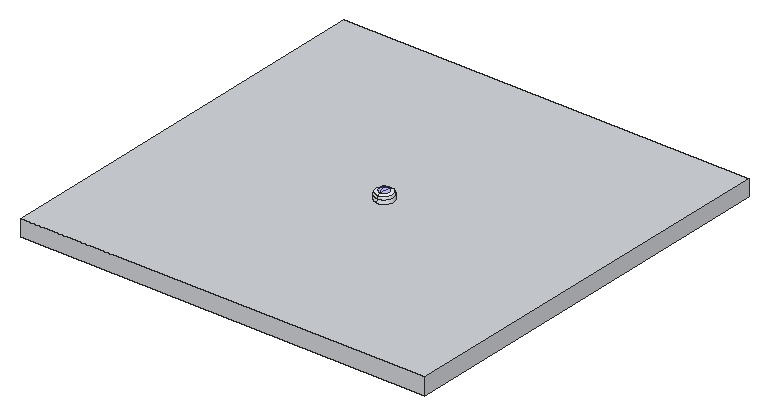
Revit family "BL4-AP Avec hôte", category Dispositifs d'éclairage, Revit 2019
Family settings
  Hôte = Face
  Conserver l'orientation des annotations = Oui
  Cote de connecteur circulaire = Utiliser le diamètre
  Type d'élément = Normal
  Couper avec des vides une fois chargée = Non
  Partagée = Non
  Point de calcul de pièce = Non
Parameters (values of type "BL4-AP réf 93288")
  Zone de detection [instance] = no
  Zone assise [instance] = Position en hauteur < 350.1 cm  # yes
  URL = "http://www.luxomat.com"
  Type de Sortie = "TOR"
  Température ambiante = "-25°C à +50°C"
  Référence = "93288+93183"
  Relais = "4.3 A"
  Position en hauteur [instance] = 250 cm
  Portée frontale [instance] = Position en hauteur * 2.56  # 640 cm
  Portée de biais [instance] = Position en hauteur * 7.6  # 1900 cm
  Modèle = "BL4-AP"
  Mode de pose = "Saillie"
  Marque = "LUXOMAT"
  Image du type = 360°.jpg
  IP = "20"
  Hauteur de montage max préconisée [instance] = Hauteur de montage max  # 350 cm
  Hauteur de montage max = 350 cm
  Fabricant = "B.E.G."
  Etiquette [instance] = yes
  Default Elevation = 0 cm
  Consommation = "0.30 W"
  Commentaires du type = "DET.MOUV.1 CONTACT.360°/Ø19M APPARENT"
  Code d'assemblage = "D5010200"
  Classe = "II"
  Charge LED = "200 W"
  Charge Cos ɸ =1 = "1000 W"
  Charge Cos ɸ =0.5 = "500 VA"
  Alimentation = "110-240 V AC"
  Activitée assise [instance] = Position en hauteur * 2  # 500 cm
Types (3, lengths in cm): name | Référence | Modèle | Commentaires du type
  (no name) | "93288+93183" | "BL4-AP" | "DET.MOUV.1 CONTACT.360°/Ø19M APPARENT"
  BL4-AP réf 93288 | "93288+93183" | "BL4-AP" | "DET.MOUV.1 CONTACT.360°/Ø19M APPARENT"
  BL4-PLUS-AP réf 93404 | "93404+93183" | "BL4-PLUS-AP" | "DET.PRES.1 CONTACT.360°/Ø19M APPARENT"
Reference planes (cm)
  plane 1 "Centre (avant/arrière)": y = 0
  plane 2: z = 0
  plane 3 "Centre (gauche/droite)": x = 0
Forms (cm)
  Extrusion 1, solid
    sketch origin (0, 0, 0) x (1, 0, 0) y (0, 1, 0)
      loop
        line (-121.92, 121.92) -> (-121.92, -121.92) -> (121.92, -121.92) -> (121.92, 121.92) -> (-121.92, 121.92)
    from 0 to -10
Dimensions and locks (cm)
  aligned and locked: plane 2 to Extrusion 1
  aligned and locked: level to Extrusion 1
  aligned and locked: nested 4 to plane 3 "Centre (gauche/droite)"
  aligned and locked: nested 4 to plane 1 "Centre (avant/arrière)"
Nested families (cm)
  nested 1: "Famille1" at (-4, 54.585, 0), modele <- "Modèle", visible <- "Etiquette", référence <- "Référence", type "Famille1"
    with référence "93288+93183", modele "BL4-AP"
  nested 2: "Plafond 360° 2D" at (0, 0, 0), type "Plafond 360° 2D"
  nested 3: "Modèle BL4 AP" at (0, 0, 0), type "Standard"
  nested 4: "Zone BL4" at (0, 0, 0), visible <- "Zone de detection", biais <- "Portée de biais", frontal <- "Portée frontale", activité assise <- "Activitée assise", Zone assise <- "Zone assise", type "Zone BL4"
    with position 2 256 cm, position 1 635 cm, frontal 640 cm, biais 1900 cm, activité assise 500 cm, Zone assise yes
Connectors (cm)
  electrical at (0, 0, 0)
    settings: index 1, voltage 230 V, apparent load 0 VA, apparent load phase1 0 VA, apparent load phase2 0 VA, apparent load phase3 0 VA, power factor 1, load classification "Eclairage", number of poles 1, system type 31, power factor state 1, is connector primary yes, connector utility no, sub classification motor no, connector description ""
Definition of nested family "Modèle BL4 AP"
  Parameters (values of type "Standard")
    d98 = 0 cm
    d312 = 0 cm
    d106 = 0 cm
  Reference planes (cm)
    plane 1 "Centre (avant/arrière)": y = 0
    plane 2: z = 0
    plane 3 "Centre (gauche/droite)": x = 0
    plane 4: x = 0
  Forms (cm)
    Revolve 1, solid
      sketch origin (0, 0, 2.4) x (0, -1, 0) y (0, 0, 1)
        loop
          line (0, 1.7) -> (-3.2, 1.7) -> (-4.9984, 1.3031)
          arc (-4.9984, 1.3031) -> (-5.2031, 0.6676) -> (-5.2, 0) r 2.12
          line (-5.2, 0) -> (0, 0) -> (0, 1.7)
        axis (0, 1.7) -> (0, 0)
      angle from 0 to 360
    Revolve 2, solid
      sketch origin (0, 0, 3.3) x (0, -1, 0) y (0, 0, 1)
        loop
          arc (0, 3) -> (-1.9416, 2.3969) -> (-3.2, 0.8) r 3.4273
          line (-3.2, 0.8) -> (0, 0.8) -> (0, 3)
        axis (0, 0.8) -> (0, 3)
      angle from 0 to 360
    Extrusion 3, solid
      sketch origin (0, 4.85, 1.6) x (1, 0, 0) y (0, -1, 0)
        loop
          arc (1.1876, 2.75) -> (2.3963, 4.7797) -> (1.4632, 6.95) r 2.6
          line (1.4632, 6.95) -> (-1.4632, 6.95)
          arc (-1.4632, 6.95) -> (-2.3963, 4.7797) -> (-1.1876, 2.75) r 2.6
          line (-1.1876, 2.75) -> (1.1876, 2.75)
      from -0.8 to 1.5
    Revolve 4, solid
      sketch origin (0, 0, 2.4) x (0, 1, 0) y (0, 0, 1)
        loop
          line (0, -2.3) -> (-2.1, -2.3) -> (-2.1, 0) -> (-5.2, 0) -> (-5.3562, -2.4) -> (0, -2.4) -> (0, -2.3)
        axis (0, 0) -> (0, -2.4)
      angle from 0 to 360
    Revolve 5, solid, not visible
      sketch origin (0, 0, 0) x (0, -1, 0) y (0, 0, 1)
        loop
          line (0, 1.7) -> (-3.2, 1.7) -> (-4.9984, 1.3031)
          arc (-4.9984, 1.3031) -> (-5.2031, 0.6676) -> (-5.2, 0) r 2.12
          line (-5.2, 0) -> (0, 0) -> (0, 1.7)
        axis (0, 1.7) -> (0, 0)
      angle from 0 to 360
    Revolve 6, solid, not visible
      sketch origin (0, 0, 0.9) x (0, -1, 0) y (0, 0, 1)
        loop
          arc (0, 3) -> (-1.9416, 2.3969) -> (-3.2, 0.8) r 3.4273
          line (-3.2, 0.8) -> (0, 0.8) -> (0, 3)
        axis (0, 0.8) -> (0, 3)
      angle from 0 to 360
    Extrusion 7, solid, not visible
      sketch origin (0, 4.85, -0.8) x (1, 0, 0) y (0, -1, 0)
        loop
          arc (1.1876, 2.75) -> (2.3963, 4.7797) -> (1.4632, 6.95) r 2.6
          line (1.4632, 6.95) -> (-1.4632, 6.95)
          arc (-1.4632, 6.95) -> (-2.3963, 4.7797) -> (-1.1876, 2.75) r 2.6
          line (-1.1876, 2.75) -> (1.1876, 2.75)
      from -0.8 to 1.5
    Revolve 8, solid, not visible
      sketch origin (0, 0, 0) x (0, 1, 0) y (0, 0, 1)
        loop
          line (0, -2.3) -> (-2.1, -2.3) -> (-2.1, 0) -> (-5.2, 0) -> (-5.3562, -2.4) -> (0, -2.4) -> (0, -2.3)
        axis (0, 0) -> (0, -2.4)
      angle from 0 to 360
  Lines and regions (cm)
    reference lines
      curve 1: line (0, 0, 2.4) -> (0, 4.85, 2.4)
      curve 2: line (0, 0, 5.4) -> (0, 0, 3.2)
      curve 3: circle (0, 0, 2.4) r 3.2 normal (0, 0, -1)
      curve 4: line (0.1, 2.1, -2.2) -> (-0.7, 2.1, -2.2)
    reference lines, not visible
      curve 5: line (0, 0, 0) -> (0, 4.85, 0)
      curve 6: line (0, 0, 3) -> (0, 0, 0.8)
      curve 7: circle (0, 0, 0) r 3.2 normal (0, 0, -1)
      curve 8: line (0.1, 2.1, -4.6) -> (-0.7, 2.1, -4.6)
  Dimensions and locks (cm)
    aligned and locked: level to plane 2
    aligned and locked: Revolve 1 sketch curve to curve 1
    aligned and locked: Revolve 2 sketch curve to curve 2
    aligned and locked: Revolve 5 sketch curve to curve 5
    aligned and locked: Revolve 6 sketch curve to curve 6
Definition of nested family "Famille1"
  Parameters (values of type "Famille1")
    référence [instance] = ""
    modele [instance] = ""
  Reference planes (cm)
    plane 1: y = 0
    plane 2: x = 0
  Text (cm)
    label "référence\nmodele" at (0.0074, 0.0451, 0), shows "référence", "modele"
Definition of nested family "Plafond 360° 2D"
  Reference planes (cm)
    plane 1: y = 0
    plane 2: x = 0
  Lines and regions (cm)
    Filled region 1, type "rouge"
      outline origin (0, 0, 0) x (1, 0, 0) y (0, 1, 0)
        loop
          circle (0, 0) r 0.0294
    detail lines
      curve 1: arc (-0.1732, 0.1, 0) -> (-0.2, 0, 0) -> (-0.1732, -0.1, 0) r 0.2
      curve 2: arc (-0.1, -0.1732, 0) -> (0, -0.2, 0) -> (0.1, -0.1732, 0) r 0.2
      curve 3: arc (0.1732, -0.1, 0) -> (0.2, 0, 0) -> (0.1732, 0.1, 0) r 0.2
      curve 4: arc (0.1, 0.1732, 0) -> (0, 0.2, 0) -> (-0.1, 0.1732, 0) r 0.2
      curve 5: arc (-0.1375, 0.0794, 0) -> (-0.1588, 0, 0) -> (-0.1375, -0.0794, 0) r 0.1588
      curve 6: arc (-0.0794, -0.1375, 0) -> (0, -0.1588, 0) -> (0.0794, -0.1375, 0) r 0.1588
      curve 7: arc (0.1375, -0.0794, 0) -> (0.1588, 0, 0) -> (0.1375, 0.0794, 0) r 0.1588
      curve 8: arc (0.0794, 0.1375, 0) -> (0, 0.1588, 0) -> (-0.0794, 0.1375, 0) r 0.1588
      curve 9: arc (-0.1019, 0.0588, 0) -> (-0.1176, 0, 0) -> (-0.1019, -0.0588, 0) r 0.1176
      curve 10: arc (-0.0588, -0.1019, 0) -> (0, -0.1176, 0) -> (0.0588, -0.1019, 0) r 0.1176
      curve 11: arc (0.1019, -0.0588, 0) -> (0.1176, 0, 0) -> (0.1019, 0.0588, 0) r 0.1176
      curve 12: arc (0.0588, 0.1019, 0) -> (0, 0.1176, 0) -> (-0.0588, 0.1019, 0) r 0.1176
      curve 13: arc (-0.0294, 0, 0) -> (0, -0.0294, 0) -> (0.0294, 0, 0) r 0.0294
      curve 14: arc (0.0294, 0, 0) -> (0, 0.0294, 0) -> (-0.0294, 0, 0) r 0.0294
Definition of nested family "Zone BL4"
  Parameters (values of type "Zone BL4")
    position 2 [instance] = (frontal / 2) * 0.8  # 256 cm
    position 1 [instance] = ((biais / 2) + (frontal / 2)) / 2  # 635 cm
    frontal [instance] = 640 cm
    biais [instance] = 1900 cm
    activité assise [instance] = 500 cm
    Zone assise [instance] = yes
  Reference planes (cm)
    plane 1 "Centre (avant/arrière)": y = 0
    plane 2: z = 0
    plane 3 "Centre (gauche/droite)": x = 0
    plane 4: x = -635
    plane 5: y = -256
  Lines and regions (cm)
    detail lines, in view "Niveau de réf.", visible <- "Zone assise"
      curve 1: circle (0, 0, 0) r 250 normal (0, 0, 1)
      curve 4: spline (-159.1609, 35.3835, 0) -> (-158.2494, 35.2529, 0) -> (-157.3931, 34.8281, 0) -> (-156.6502, 34.138, 0) -> (-156.0714, 33.2297, 0) -> (-155.6961, 32.165, 0) -> (-155.55, 31.0166, 0) -> (-155.643, 29.8626, 0) -> (-155.9687, 28.7818, 0) -> (-156.5049, 27.8477, 0) -> (-157.2152, 27.1241, 0) -> (-158.051, 26.6602, 0) -> (-158.9555, 26.4877, 0) -> (-159.867, 26.6183, 0) -> (-160.7234, 27.0431, 0) -> (-161.4663, 27.7332, 0) -> (-162.0451, 28.6415, 0) -> (-162.4203, 29.7062, 0) -> (-162.5664, 30.8546, 0) -> (-162.4735, 32.0085, 0) -> (-162.1478, 33.0894, 0) -> (-161.6115, 34.0234, 0) -> (-160.9013, 34.7471, 0) -> (-160.0654, 35.211, 0) -> (-159.1609, 35.3835, 0)
      curve 12: line (-159, 26, 0) -> (-159, 0, 0)
      curve 13: line (-159, 0, 0) -> (-142, 0, 0)
      curve 14: line (-142, 0, 0) -> (-142, -21, 0)
      curve 15: line (-159, 22.2972, 0) -> (-146.1203, 15.4489, 0)
      curve 16: line (-169.5298, 20.3537, 0) -> (-164.6439, -2.6328, 0)
      curve 17: line (-164.6439, -2.6328, 0) -> (-144.0082, -2.6328, 0)
      curve 18: line (-149.8164, -2.6328, 0) -> (-149.8164, -21, 0)
      curve 19: line (-161.3261, -2.6328, 0) -> (-161.3261, -21, 0)
      curve 31: line (-149.8151, 8.5, 0) -> (-123.3151, 8.5, 0)
      curve 32: line (-128, 8.5, 0) -> (-128, -21, 0)
      curve 35: line (-134.5, 8.5, 0) -> (-134.5, -21, 0)
    detail lines, in view "Niveau de réf."
      curve 2: circle (0, 0, 0) r 320 normal (0, 0, 1)
      curve 3: circle (0, 0, 0) r 950 normal (0, 0, 1)
      curve 6: line (-635, -34.5023, 0) -> (-635, 25.4977, 0)
      curve 7: line (-635, 25.4977, 0) -> (-657.1638, -2.8706, 0)
      curve 10: line (0, -316, 0) -> (0, -256, 0)
      curve 11: line (0, -256, 0) -> (-22.1638, -284.3684, 0)
      curve 28: line (-635, 25.4977, 0) -> (-612.8362, -2.8706, 0)
      curve 29: line (0, -256, 0) -> (22.1638, -284.3684, 0)
    detail lines, in view "Niveau de réf.", visible <- "Zone assise", not visible
      curve 5: spline (932.3619, 15.8637, 0) -> (933.2734, 15.7331, 0) -> (934.1297, 15.3083, 0) -> (934.8726, 14.6182, 0) -> (935.4514, 13.7099, 0) -> (935.8267, 12.6452, 0) -> (935.9728, 11.4968, 0) -> (935.8798, 10.3428, 0) -> (935.5541, 9.262, 0) -> (935.0179, 8.3279, 0) -> (934.3076, 7.6043, 0) -> (933.4718, 7.1404, 0) -> (932.5673, 6.9679, 0) -> (931.6558, 7.0985, 0) -> (930.7994, 7.5233, 0) -> (930.0565, 8.2134, 0) -> (929.4777, 9.1217, 0) -> (929.1025, 10.1864, 0) -> (928.9564, 11.3348, 0) -> (929.0493, 12.4888, 0) -> (929.375, 13.5696, 0) -> (929.9113, 14.5037, 0) -> (930.6215, 15.2273, 0) -> (931.4574, 15.6912, 0) -> (932.3619, 15.8637, 0)
      curve 20: line (932.5228, 6.4802, 0) -> (932.5228, -19.5198, 0)
      curve 21: line (932.5228, -19.5198, 0) -> (949.5228, -19.5198, 0)
      curve 22: line (949.5228, -19.5198, 0) -> (949.5228, -40.5198, 0)
      curve 23: line (932.5228, 2.7774, 0) -> (945.4025, -4.0709, 0)
      curve 24: line (921.993, 0.8339, 0) -> (926.8789, -22.1526, 0)
      curve 25: line (926.8789, -22.1526, 0) -> (947.5146, -22.1526, 0)
      curve 26: line (941.7064, -22.1526, 0) -> (941.7064, -40.5198, 0)
      curve 27: line (930.1967, -22.1526, 0) -> (930.1967, -40.5198, 0)
      curve 33: line (941.7077, -11.0198, 0) -> (968.2077, -11.0198, 0)
      curve 34: line (963.5228, -11.0198, 0) -> (963.5228, -40.5198, 0)
      curve 36: line (957.0228, -11.0198, 0) -> (957.0228, -40.5198, 0)
    detail lines, in view "Niveau de réf.", not visible
      curve 8: line (628.0656, -41.3319, 0) -> (628.0656, 18.6681, 0)
      curve 9: line (628.0656, 18.6681, 0) -> (605.9018, -9.7003, 0)
      curve 30: line (628.0656, 18.6681, 0) -> (650.2294, -9.7003, 0)
  Dimensions and locks (cm)
    "position 1": plane 4 to plane 3 "Centre (gauche/droite)"
    "position 2": plane 5 to plane 1 "Centre (avant/arrière)"
    "activité assise": diameter of curve 1
    "biais": diameter of curve 3
    "frontal": diameter of curve 2
    aligned and locked: plane 4 to curve 6
    aligned and locked: curve 10 to plane 3 "Centre (gauche/droite)"
    aligned and locked: plane 5 to curve 29
    aligned and locked: curve 14 to plane 1 "Centre (avant/arrière)"
  Automatic sketch dimensions
    curve 16 to curve 12 = 5.6439 cm
    curve 12 to curve 14 = 17 cm
    curve 19 to curve 13 = 2.6328 cm
    curve 16 to curve 15 = 10.5298 cm
    curve 16 to curve 19 = 3.3178 cm
    curve 4 to curve 12 = 0.1609 cm
    curve 4 to curve 4 = 0.1027 cm
    curve 18 to curve 13 = 7.8164 cm
    curve 18 to curve 31 = 0.0013 cm
    curve 31 to curve 15 = 3.6948 cm
    curve 17 to curve 13 = 2.0082 cm
    curve 13 to curve 35 = 7.5 cm
    curve 35 to curve 32 = 6.5 cm
    curve 32 to curve 31 = 4.6849 cm
    curve 35 to curve 17 = 18.3672 cm
    curve 18 to curve 35 = 0 cm
    curve 14 to curve 35 = 0 cm
    curve 19 to curve 18 = 0 cm
    curve 35 to curve 32 = 0 cm
    curve 13 to curve 31 = 8.5 cm
    curve 31 to curve 15 = 6.9489 cm
    curve 12 to curve 16 = 20.3537 cm
    curve 16 to curve 15 = 1.9435 cm
    curve 15 to curve 12 = 3.7028 cm
    curve 12 to curve 4 = 4.9356 cm
    curve 24 to curve 20 = 5.6439 cm
    curve 20 to curve 22 = 17 cm
    curve 27 to curve 21 = 2.6328 cm
    curve 24 to curve 23 = 10.5298 cm
    curve 24 to curve 27 = 3.3178 cm
    curve 5 to curve 20 = 0.1609 cm
    curve 5 to curve 5 = 0.1027 cm
    curve 26 to curve 21 = 7.8164 cm
    curve 26 to curve 33 = 0.0013 cm
    curve 33 to curve 23 = 3.6948 cm
    curve 25 to curve 21 = 2.0082 cm
    curve 21 to curve 36 = 7.5 cm
    curve 36 to curve 34 = 6.5 cm
    curve 34 to curve 33 = 4.6849 cm
    curve 36 to curve 25 = 18.3672 cm
    curve 26 to curve 36 = 0 cm
    curve 22 to curve 36 = 0 cm
    curve 27 to curve 26 = 0 cm
    curve 36 to curve 34 = 0 cm
    curve 21 to curve 33 = 8.5 cm
    curve 33 to curve 23 = 6.9489 cm
    curve 20 to curve 24 = 20.3537 cm
    curve 24 to curve 23 = 1.9435 cm
    curve 23 to curve 20 = 3.7028 cm
    curve 20 to curve 5 = 4.9356 cm
    curve 11 to curve 10 = 22.1638 cm
    curve 10 to curve 29 = 22.1638 cm
    curve 29 to curve 10 = 28.3684 cm
    curve 11 to curve 10 = 28.3684 cm
    curve 10 to curve 29 = 31.6316 cm
    curve 7 to curve 6 = 22.1638 cm
    curve 6 to curve 28 = 22.1638 cm
    curve 28 to curve 6 = 28.3684 cm
    curve 7 to curve 6 = 28.3684 cm
    curve 6 to curve 28 = 31.6316 cm
    curve 9 to curve 8 = 22.1638 cm
    curve 8 to curve 30 = 22.1638 cm
    curve 30 to curve 8 = 28.3684 cm
    curve 9 to curve 8 = 28.3684 cm
    curve 8 to curve 30 = 31.6316 cm
    curve 1 to curve 2 = 0 cm  (x2)
    curve 1 to curve 3 = 0 cm  (x2)
    curve 2 to curve 3 = 0 cm  (x2)
    plane 1 "Centre (avant/arrière)" to curve 2 = 0 cm
    curve 2 to plane 3 "Centre (gauche/droite)" = 0 cm
